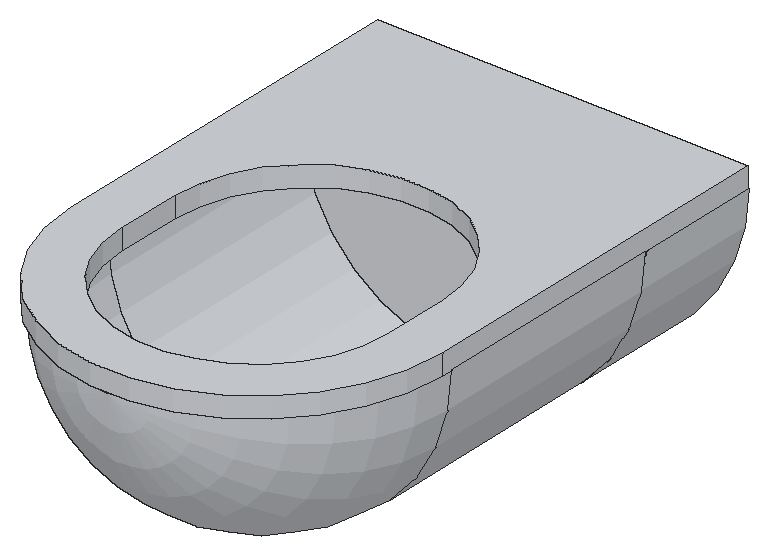
Revit family
Parameters (values of type "550 x 360mm")
  Material = none
  Manufacturer = "Revit"
  Assembly Code = ""
Reference planes
  plane 1 "Center (Front/Back)": y = 0
  plane 2: z = 0
  plane 3 "Center (Left/Right)": x = 0
  plane 4: y = -244.9
Forms (mm)
  Extrusion 1, solid, material <- "Material"
    sketch origin (0, 0, 307.334) x (1, 0, 0) y (0, 1, 0)
      loop
        line (-179.9, 0) -> (-179.9, -370.216)
        arc (-179.9, -370.216) -> (0.005, -550.122) -> (179.91, -370.216) r 179.905
        line (179.91, -370.216) -> (179.91, 0) -> (-179.9, 0)
      loop
        line (-130, -308.309) -> (-130, -372.093)
        arc (-130, -372.093) -> (0, -502.093) -> (130, -372.093) r 130
        line (130, -372.093) -> (130, -308.309)
        arc (130, -308.309) -> (0, -178.309) -> (-130, -308.309) r 130
    from -20 to 0
  Blend 2, solid, material <- "Material"
    base sketch origin (0, -124.9, 287.334) x (0, 0, -1) y (-1, 0, 0)
      loop
        line (0, 180) -> (0, -180)
        arc (0, -180) -> (180, 0) -> (0, 180) r 180
    top sketch origin (0, -124.9, 287.334) x (0, 0, -1) y (-1, 0, 0)
      loop
        line (0, 179.9) -> (0, -180)
        arc (0, -180) -> (179.95, -0.05) -> (0, 179.9) r 179.95
    from 0 to 124.9
  Revolve 3, solid, material <- "Material"
    sketch origin (-135.875, 0, 287.334) x (0, -1, 0) y (1, 0, 0)
      loop
        line (124.9, -18.028) -> (124.9, -44.025) -> (359.287, -44.025)
        arc (359.287, -44.025) -> (490.375, 8.047) -> (550, 135.875) r 191.038
        line (550, 135.875) -> (523.953, 135.875)
        arc (523.953, 135.875) -> (472.275, 26.71) -> (360.086, -18.028) r 165.042
        line (360.086, -18.028) -> (124.9, -18.028)
      axis (550, 135.875) -> (124.9, 135.875)
    angle from 0 to 180
Lines and regions (mm)
  symbolic lines
    curve 1: line (-179.9, 0, 0) -> (-179.9, -359.287, 0)
    curve 2: arc (-179.9, -359.287, 0) -> (-4.657, -549.944, 0) -> (179.91, -368.299, 0) r 180.067
    curve 3: line (179.91, -368.299, 0) -> (179.91, 0, 0)
    curve 4: line (179.91, 0, 0) -> (-179.9, 0, 0)
    curve 9: line (130.63, -372.093, 0) -> (-130.877, -308.309, 0)
    curve 10: line (-130.877, -308.309, 0) -> (130.63, -372.093, 0)
  symbolic lines, detail levels medium+fine
    curve 5: arc (-87.431, -129.902, 0) -> (-81.102, -136.231, 0) -> (-74.773, -129.902, 0) r 6.329
    curve 6: arc (-74.773, -129.902, 0) -> (-81.102, -123.573, 0) -> (-87.431, -129.902, 0) r 6.329
    curve 7: arc (75.37, -129.902, 0) -> (81.699, -136.231, 0) -> (88.028, -129.902, 0) r 6.329
    curve 8: arc (88.028, -129.902, 0) -> (81.699, -123.573, 0) -> (75.37, -129.902, 0) r 6.329
    curve 11: line (47.129, -320.624, 0) -> (-47.196, -320.624, 0)
    curve 12: line (-47.196, -320.624, 0) -> (47.129, -320.624, 0)
